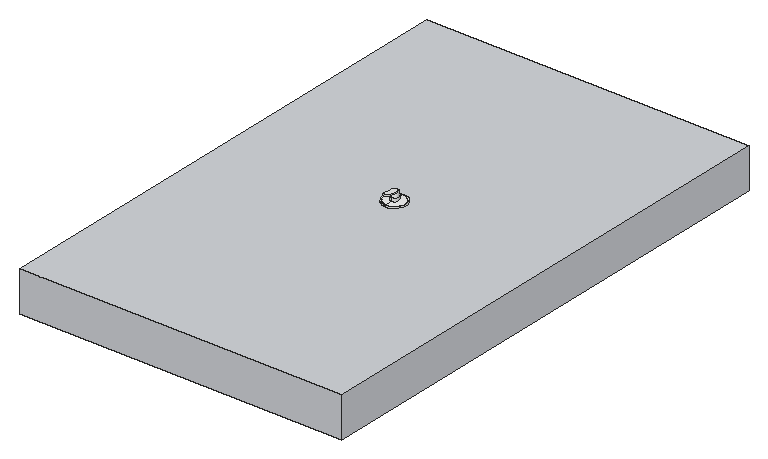
Revit family "Trim_Set-GROHE-Eurosmart-19411000", category Plumbing Fixtures, host Face, Revit 2014
Parameters (values of type "19411000")
  Width = 6 11/16"  # constant formula
  Waste Connection = no
  Warranty Documentation Link = "https://cdn.cloud.grohe.com/tpi/1000/1900/1940/1949/1949006/original/1949006.pdf"
  WFU = 4  # constant formula
  Vent Connection = no
  URL = "https://www.grohe.us"
  Type Comments = ""
  Tempered Connection Radius = Tempered Connection Diameter / 2  # 1/4"
  Tempered Connection Diameter = Hot Water Connection Diameter  # 1/2"
  Product Page URL = "https://www.grohe.us/en_us/eurosmart-cosmopolitan-pressure-balance-valve-trimset-19411000.html"
  Price = "Prices may vary. Please consult Manufacturer Representative for most up-to-date price list."  # constant formula
  Model = "19411000"
  Material = "Metal-Grohe-000-Chrome"
  Manufacturer = "Grohe"
  Length = 3 5/16"  # constant formula
  Installation Type = "Wall Mounted"
  Hot Water Connection Radius = Hot Water Connection Diameter / 2  # 1/4"
  Hot Water Connection Diameter = Cold Water Connection Diameter  # 1/2"
  Height = 40"
  HWFU = 3  # constant formula
  HW Connection = yes
  Flow Rate = "2.5 gpm at 80 psi (9.5 L/min)"
  Finish = Metal-Grohe-000-Chrome
  Description = "Eurosmart Cosmopolitan PBV trimset"  # constant formula
  Default Elevation = 44"  # constant formula
  Creation Date = "06/21/2017"  # constant formula
  Cold Water Connection Radius = 1/4"  # constant formula
  Cold Water Connection Diameter = Cold Water Connection Radius * 2  # 1/2"
  CWFU = 3  # constant formula
  CW Connection = yes
  Assembly Code = "D2010710"
  ADA Compliant = yes
Reference planes (in)
  plane 1 "Center (Front/Back)": y = 0
  plane 2: z = 0
  plane 3 "Center (Left/Right)": x = 0
  plane 4: y = 40
  plane 5: y = -18
  plane 6: y = -39
  plane 7: y = -16.78125
  plane 8: y = -19.21875
  plane 9: z = 6.375
  plane 10: y = -16.375
  plane 11: x = -1.21875
  plane 12: x = 1.21875
  plane 13: x = -3.34375
  plane 14: x = 3.34375
  plane 15: z = 3.125
  plane 16: z = 0.5
  plane 17: y = -17.47625
  plane 18: y = 3.96875
  plane 19: y = -3.96875
Forms (in)
  Extrusion 1, solid
    sketch origin (0, 0, 0) x (1, 0, 0) y (0, 1, 0)
      loop
        line (-48, 72) -> (-48, -79.70833) -> (48, -79.70833) -> (48, 72) -> (-48, 72)
    from 0 to -12
  Revolve 2, solid, material "Metal-Grohe-000-Chrome" <- "Finish"
    sketch origin (0, 0, 0) x (0, 1, 0) y (0, 0, 1)
      loop
        line (3.375, 0) -> (3.375, 0.28914) -> (2.95128, 0.28914)
        arc (2.95128, 0.28914) -> (2.02355, 0.39761) -> (1.09375, 0.48664) r 44.62209
        line (1.09375, 0.48664) -> (1.09375, 1.39255) -> (0.84375, 1.39255) -> (0.84375, 1.47663) -> (1.09375, 1.47663) -> (0.84375, 3.30488) -> (0, 3.30488) -> (0, 0) -> (3.375, 0)
      axis (0, 3.30488) -> (0, 0)
    angle from 0 to 360
  Extrusion 3, solid, material "Metal-Grohe-000-Chrome" <- "Finish"
    sketch origin (0, 0, -0.85023) x (1, 0, 0) y (0, 1, 0)
      loop
        line (-0.84375, -0.15837) -> (-0.84375, -2.9199)
        arc (-0.84375, -2.9199) -> (0, -3.76365) -> (0.84375, -2.9199) r 0.84375
        line (0.84375, -2.9199) -> (0.84375, -0.15837)
        arc (0.84375, -0.15837) -> (0, 0.68538) -> (-0.84375, -0.15837) r 0.84375
    from 3.125 to 4.65415
  Extrusion 4, void
    sketch origin (0, 0, -0.85023) x (0, 1, 0) y (0, 0, 1)
      loop
        arc (-4.2243, 4.23498) -> (-1.63793, 3.93156) -> (0.94551, 3.6041) r 279.99137
        line (0.94551, 3.6041) -> (0.94551, 4.89708) -> (-4.2243, 4.89708) -> (-4.2243, 4.23498)
    from -1.17436 to 1.50098
  Extrusion 5, void
    sketch origin (0, 0, -0.7721) x (0, 1, 0) y (0, 0, 1)
      loop
        line (0.13593, 3.37468) -> (-3.90625, 3.94277) -> (-3.90625, 2.90713) -> (0.13593, 2.90713) -> (0.13593, 3.37468)
    from -1.63487 to 2.02728
  Extrusion 6, solid, material "Metal-Grohe-000-Chrome" <- "Finish"
    sketch origin (0, 0, 0) x (1, 0, 0) y (0, 1, 0)
      loop
        circle (-0.51539, 0) r 0.25
      loop
        circle (0.51539, 0) r 0.25
    from 0 to 0.0625
Cuts and joins
  Extrusion 4 cuts Revolve 2
  Extrusion 4, Extrusion 5 cuts Extrusion 3
  joined: Revolve 2, Extrusion 3, Extrusion 6
Lines and regions (in)
  Masking region 1
    outline origin (0, 0, 0) x (1, 0, 0) y (0, 0, 1)
      loop
        line (1.09375, 0.48664) -> (1.09375, 1.39255) -> (0.84375, 1.39255) -> (0.84375, 1.47663) -> (1.09375, 1.47663) -> (0.90435, 2.87143)
        arc (0.90435, 2.87143) -> (0.87556, 2.89221) -> (0.84312, 2.90663) r 0.17166
        line (0.84312, 2.90663) -> (0.84312, 3.22655)
        arc (0.84312, 3.22655) -> (0.83298, 3.2418) -> (0.81675, 3.25029) r 0.03685
        arc (0.81675, 3.25029) -> (0.75949, 3.26802) -> (0.70081, 3.28023) r 0.62951
        arc (0.70081, 3.28023) -> (0.60978, 3.29303) -> (0.51835, 3.30263) r 2.60866
        arc (0.51835, 3.30263) -> (0, 3.32568) -> (-0.51835, 3.30263) r 5.84024
        arc (-0.51835, 3.30263) -> (-0.60978, 3.29303) -> (-0.70081, 3.28023) r 2.60866
        arc (-0.70081, 3.28023) -> (-0.75949, 3.26802) -> (-0.81675, 3.25029) r 0.62951
        arc (-0.81675, 3.25029) -> (-0.83298, 3.2418) -> (-0.84312, 3.22655) r 0.03685
        line (-0.84312, 3.22655) -> (-0.84312, 2.90663)
        arc (-0.84312, 2.90663) -> (-0.87556, 2.89221) -> (-0.90435, 2.87143) r 0.17166
        line (-0.90435, 2.87143) -> (-1.09375, 1.47663) -> (-0.84375, 1.47663) -> (-0.84375, 1.39255) -> (-1.09375, 1.39255) -> (-1.09375, 0.48664)
        arc (-1.09375, 0.48664) -> (-1.98566, 0.39829) -> (-2.87684, 0.30288) r 113.26232
        line (-2.87684, 0.30288) -> (-3.37684, 0.30288) -> (-3.37684, 0) -> (3.37684, 0) -> (3.37684, 0.30288) -> (2.87684, 0.30288)
        arc (2.87684, 0.30288) -> (1.98566, 0.39829) -> (1.09375, 0.48664) r 113.26232
  symbolic lines, detail levels medium+fine
    curve 1: line (1.09375, 0, 0.48664) -> (-1.09375, 0, 0.48664)
  symbolic lines, detail levels fine
    curve 2: line (0.84375, 0, 1.39255) -> (-0.84375, 0, 1.39255)
    curve 3: line (0.84375, 0, 1.47663) -> (-0.84375, 0, 1.47663)
    curve 4: arc (0.90435, 0, 2.87143) -> (0.89727, 0, 2.8515) -> (0.87964, 0, 2.83982) r 0.03339
    curve 5: arc (0.87964, 0, 2.83982) -> (0.75444, 0, 2.80132) -> (0.62503, 0, 2.78103) r 0.9176
    curve 6: arc (0.62503, 0, 2.78103) -> (0.48175, 0, 2.76562) -> (0.3379, 0, 2.75685) r 3.11107
    curve 7: arc (-0.90435, 0, 2.87143) -> (-0.89727, 0, 2.8515) -> (-0.87964, 0, 2.83982) r 0.03339
    curve 8: arc (-0.87964, 0, 2.83982) -> (-0.75444, 0, 2.80132) -> (-0.62503, 0, 2.78103) r 0.9176
    curve 9: arc (-0.62503, 0, 2.78103) -> (-0.48175, 0, 2.76562) -> (-0.3379, 0, 2.75685) r 3.11107
    curve 10: arc (0.3379, 0, 2.75685) -> (0, 0, 2.74799) -> (-0.3379, 0, 2.75685) r 6.44851
    curve 11: line (2.87684, 0, 0.30288) -> (-2.87684, 0, 0.30288)
Dimensions and locks (in)
  plane 1 "Center (Front/Back)" to plane 5 = 18"
  plane 5 to plane 6 = 21"
  plane 1 "Center (Front/Back)" to plane 4 = 40"
  equal spacing: plane 7, plane 5, plane 8
  plane 7 to plane 8 = 2 7/16"
  plane 9 to level = 6 3/8"
  plane 16 to level = 1/2"
  "Hot Water Connection Diameter": diameter of Extrusion 6 sketch curve
  "Cold Water Connection Diameter": diameter of Extrusion 6 sketch curve
  aligned and locked: plane 2 to Extrusion 1
  aligned and locked: level to Extrusion 1
Automatic sketch dimensions
  Extrusion 1 sketch curve to Extrusion 1 sketch curve = 96"
  Extrusion 1 sketch curve to Extrusion 1 sketch curve = 151.70833"
  Revolve 2 sketch curve to plane 1 "Center (Front/Back)" = 0"  (x2)
  Revolve 2 sketch curve to level = 0"
  plane 19 to Revolve 2 sketch curve = 1.27445"
  Revolve 2 sketch curve to plane 1 "Center (Front/Back)" = 27/32"  (x2)
  plane 15 to Revolve 2 sketch curve = 0.17988"
  Revolve 2 sketch curve to Revolve 2 sketch curve = 1/4"
  Revolve 2 sketch curve to Revolve 2 sketch curve = 0"
  Revolve 2 sketch curve to plane 16 = 0.21086"
  plane 18 to Revolve 2 sketch curve = 1.01747"
  Revolve 2 sketch curve to Revolve 2 sketch curve = 0.42372"
  Revolve 2 sketch curve to level = 43.97437"
  plane 16 to Revolve 2 sketch curve = 0.89255"
  Revolve 2 sketch curve to Revolve 2 sketch curve = 0.08409"
  Revolve 2 sketch curve to plane 9 = 0.37915"
  Revolve 2 sketch curve to plane 9 = 0.02339"
  plane 6 to Extrusion 4 sketch curve = 3.44615"
  Extrusion 4 sketch curve to plane 19 = 0.25555"
  Extrusion 4 sketch curve to plane 15 = 0.37113"
  Extrusion 4 sketch curve to plane 1 "Center (Front/Back)" = 0.94551"
  Extrusion 4 sketch curve to level = 274.8483"
  Extrusion 4 sketch curve to Extrusion 4 sketch curve = 0.6621"
  plane 19 to Extrusion 5 sketch curve = 1/16"
  Extrusion 5 sketch curve to plane 1 "Center (Front/Back)" = 0.13593"
  Extrusion 5 sketch curve to plane 15 = 0.98997"
  Extrusion 5 sketch curve to plane 15 = 0.52242"
  plane 15 to Extrusion 5 sketch curve = 0.04567"
  Extrusion 3 sketch curve to plane 3 "Center (Left/Right)" = 0"
  plane 11 to Extrusion 3 sketch curve = 3/8"
  plane 19 to Extrusion 3 sketch curve = 1.04885"
  plane 1 "Center (Front/Back)" to Extrusion 3 sketch curve = 0.15837"
  Masking region 1 sketch curve to level = 0"
  Masking region 1 sketch curve to plane 3 "Center (Left/Right)" = 0"
  Masking region 1 sketch curve to plane 3 "Center (Left/Right)" = 0.29186"
  Masking region 1 sketch curve to plane 3 "Center (Left/Right)" = 0.60212"
  Masking region 1 sketch curve to Masking region 1 sketch curve = 0.1879"  (x2)
  plane 15 to Masking region 1 sketch curve = 0.08942"  (x2)
  plane 11 to Masking region 1 sketch curve = 0.41043"
  Masking region 1 sketch curve to Masking region 1 sketch curve = 0.03479"  (x2)
  plane 11 to Masking region 1 sketch curve = 3/8"
  Masking region 1 sketch curve to Masking region 1 sketch curve = 0.06123"  (x2)
  plane 11 to Masking region 1 sketch curve = 1/8"
  Masking region 1 sketch curve to Masking region 1 sketch curve = 0"  (x6)
  plane 13 to Masking region 1 sketch curve = 0.46691"
  Masking region 1 sketch curve to plane 13 = 0.03309"
  Masking region 1 sketch curve to plane 13 = 6.28162"
  plane 3 "Center (Left/Right)" to Masking region 1 sketch curve = 0.29186"
  plane 3 "Center (Left/Right)" to Masking region 1 sketch curve = 0.60212"
  plane 12 to Masking region 1 sketch curve = 0.41043"
  plane 12 to Masking region 1 sketch curve = 3/8"
  plane 12 to Masking region 1 sketch curve = 1/8"
  level to Masking region 1 sketch curve = 0.30288"
  plane 14 to Masking region 1 sketch curve = 0.46691"
  Masking region 1 sketch curve to plane 14 = 0.03309"
  Masking region 1 sketch curve to plane 14 = 6.28162"
  Masking region 1 sketch curve to level = 2.51457"
  Masking region 1 sketch curve to Masking region 1 sketch curve = 109.75274"
  Masking region 1 sketch curve to Masking region 1 sketch curve = 0.30288"
  level to Masking region 1 sketch curve = 0.70382"
  Masking region 1 sketch curve to Masking region 1 sketch curve = 0.68873"
  Masking region 1 sketch curve to Masking region 1 sketch curve = 0.9059"
  Masking region 1 sketch curve to Masking region 1 sketch curve = 0.08409"  (x2)
  Masking region 1 sketch curve to plane 15 = 0.4665"  (x2)
  Masking region 1 sketch curve to Masking region 1 sketch curve = 0.08488"  (x2)
  Masking region 1 sketch curve to Masking region 1 sketch curve = 0.12805"  (x2)
  Masking region 1 sketch curve to Masking region 1 sketch curve = 0.01213"  (x2)
  Masking region 1 sketch curve to Masking region 1 sketch curve = 0.28997"
  Masking region 1 sketch curve to Masking region 1 sketch curve = 0.10751"
  plane 15 to Masking region 1 sketch curve = 0.17763"
  curve 10 to plane 3 "Center (Left/Right)" = 0"
  curve 9 to plane 3 "Center (Left/Right)" = 0.22066"
  curve 8 to plane 3 "Center (Left/Right)" = 0.54803"
  plane 11 to curve 7 = 0.34779"
  plane 3 "Center (Left/Right)" to curve 6 = 0.22066"
  plane 3 "Center (Left/Right)" to curve 5 = 0.54803"
  plane 12 to curve 4 = 0.34779"
  curve 7 to plane 15 = 0.25294"
  curve 4 to plane 15 = 0.25294"
  plane 15 to curve 8 = 0.5704"
  plane 15 to curve 5 = 0.5704"
  curve 6 to plane 9 = 0.50929"
  curve 9 to curve 6 = 0"
  plane 9 to curve 10 = 2.8215"
  curve 9 to plane 3 "Center (Left/Right)" = 0.3379"
  curve 7 to curve 9 = 0.24593"
  plane 11 to curve 2 = 3/8"
  curve 3 to curve 2 = 0"  (x2)
  curve 7 to curve 7 = 0.00868"
  curve 7 to curve 7 = 0.03339"
  plane 11 to curve 1 = 1/8"
  plane 13 to curve 11 = 0.46691"
  plane 3 "Center (Left/Right)" to curve 6 = 0.3379"
  curve 5 to curve 4 = 0.24593"
  plane 12 to curve 3 = 3/8"
  curve 4 to curve 5 = 0.00868"
  curve 4 to curve 4 = 0.03339"
  plane 12 to curve 1 = 1/8"
  plane 14 to curve 11 = 0.46691"
  curve 4 to curve 4 = 0.00063"
  curve 3 to curve 5 = 1.3044"
  curve 2 to curve 3 = 0.08409"
  level to curve 1 = 0.48664"
  level to curve 11 = 0.30288"
  plane 1 "Center (Front/Back)" to Extrusion 6 sketch curve = 0"  (x2)
  Extrusion 6 sketch curve to plane 3 "Center (Left/Right)" = 0.51539"
  plane 3 "Center (Left/Right)" to Extrusion 6 sketch curve = 0.51539"
Connectors (in)
  piping at (-0.51539, 0, 0), diameter 0.5, driven by "Hot Water Connection Diameter"
    settings: on Extrusion 6, index 1, connector inside diameter 24", connector length 0", flow factor 0, pipe flow 0 GPM, pressure drop 0.00 psi, fitting loss kfactor 0, connector angle 0.00°, fixture units 0, engagement length 0", angle of deflection 0.00°, flow configuration 3, flow direction 1, fitting loss method 0, system type 19, joint type 0, gender type 0, connector reference index -1, connector utility 0, adjustable connector no, is connector primary yes, connector description "1/2\" NPT HW Inlet"
  piping at (0.51539, 0, 0), diameter 0.5, driven by "Cold Water Connection Diameter"
    settings: on Extrusion 6, index 2, connector inside diameter 24", connector length 0", flow factor 0, pipe flow 0 GPM, pressure drop 0.00 psi, fitting loss kfactor 0, connector angle 0.00°, fixture units 0, engagement length 0", angle of deflection 0.00°, flow configuration 3, flow direction 1, fitting loss method 0, system type 20, joint type 0, gender type 0, connector reference index -1, connector utility 0, adjustable connector no, is connector primary no, connector description "1/2\" NPT CW Inlet"
